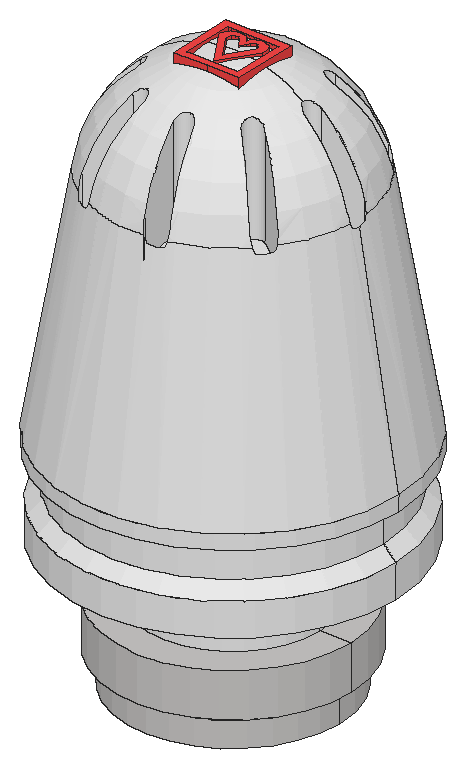
Revit family "Термостатическая головка HERZ-Design-MINI Turbo, с присоединительной резьбой М 28х1.5, 9200 16", category Rohrzubehör, Revit 2019
Family settings
  Bemaßung runder Anschluss = Durchmesser verwenden
  Teiletyp = Normal
  OmniClass-Nummer = 23.65.55.14
  OmniClass-Titel = Valves for Liquid Services
  Arbeitsebenenbasiert = Nein
  Immer vertikal = Nein
  Beim Laden mit Abzugskörper schneiden = Nein
  Gemeinsam genutzt = Nein
Parameters
  Принцип действия = "HERZ-термостатическая головка является датчиком прямого регулирования.\r\nИзменение объема жидкости в HERZ-гидросенсоре приводит в движение шток клапана."
  Область применения = "Для монтажа на всех HERZ-клапанах, предназначенных для термостатической работы."
  Номер заказа = 1920016  # constant formula
  Морозозащита = 6 °C  # constant formula
  Маховик = "Пластик, белый"  # constant formula
  Диапазон регулирования с морозозащитой = "6-28°C"  # constant formula
  Диапазон регулирования = "6-28°C"  # constant formula
  URL = "www.herz-armaturen.ru"
  S02 = 60 mm  # constant formula
  S01 = 73 mm  # constant formula
  Позиция теплового запирания "0" = "Термостатическая головка с жидкостным датчиком (гидросенсором) с позициями теплового запираниия \"0\" и морозозащиты, с ограничением и блокировкой диапазона регулирования."
  Hersteller = "HERZ Armaturen Ges.m.b.H."  # constant formula
  Позиция морозозащиты * = "Термостатическая головка с жидкостным датчиком (гидросенсором) с позицией морозозащиты и ограничением, блокировкой диапазона регулирования."
Reference planes
  plane 1 "Mitte (Vorne/hinten)": y = 0
  plane 2: z = 0
  plane 3 "Mitte (Links/rechts)": x = 0
Forms (mm)
  Revolve 1, solid, material "Kunststoff weiß", detail levels fine
    sketch origin (0, 0, 0) x (1, 0, 0) y (0, 0, 1)
      loop
        line (0, 0) -> (0, 73)
        arc (0, 73) -> (-11.397, 68.78) -> (-17.297, 58.156) r 17.5
        arc (-17.297, 58.156) -> (-20.011, 42.065) -> (-22.88, 26) r 1681.293
        line (-22.88, 26) -> (-22.88, 24) -> (-20.75, 24) -> (-20.75, 19.25) -> (-22.5, 17.5) -> (-22.5, 13) -> (-12.8, 13)
        arc (-12.8, 13) -> (-12.234, 12.766) -> (-12, 12.2) r 0.8
        line (-12, 12.2) -> (-12, 4.8) -> (-13.2, 4.8) -> (-13.2, 0) -> (0, 0)
      axis (0, 73) -> (0, 0)
    angle from 0 to 360
  Revolve 2, solid, material "Messing verzinkt", detail levels fine
    sketch origin (0, 0, 0) x (1, 0, 0) y (0, 0, 1)
      loop
        line (0, 0) -> (0, 5.5) -> (-16.35, 5.5) -> (-16.35, -0.576) -> (-14.75, -1.5) -> (-14.75, -5) -> (-13.35, -5) -> (-13.35, 0) -> (0, 0)
      axis (0, 5.5) -> (0, -5)
    angle from 0 to 360
  Extrusion 3, void
    sketch origin (0, 0, 0) x (1, 0, 0) y (0, 1, 0)
      loop
        arc (11.027, 1.298) -> (9.8, 0) -> (11.027, -1.298) r 1.3
        line (11.027, -1.298) -> (16.77, -1.62)
        arc (16.77, -1.62) -> (17.178, -1.485) -> (17.384, -1.107) r 0.586
        arc (17.384, -1.107) -> (17.453, 0.011) -> (17.382, 1.129) r 9
        arc (17.382, 1.129) -> (17.183, 1.492) -> (16.79, 1.621) r 0.564
        line (16.79, 1.621) -> (11.027, 1.298)
      loop
        line (9.282, 6.094) -> (13.904, 9.55)
        arc (13.904, 9.55) -> (14.121, 9.902) -> (14.04, 10.308) r 0.564
        arc (14.04, 10.308) -> (13.376, 11.21) -> (12.605, 12.023) r 9
        arc (12.605, 12.023) -> (12.205, 12.18) -> (11.805, 12.021) r 0.586
        line (11.805, 12.021) -> (7.613, 8.082)
        arc (7.613, 8.082) -> (7.507, 6.299) -> (9.282, 6.094) r 1.3
      loop
        arc (0.637, 11.085) -> (1.702, 9.651) -> (3.193, 10.634) r 1.3
        line (3.193, 10.634) -> (4.508, 16.234)
        arc (4.508, 16.234) -> (4.445, 16.659) -> (4.109, 16.928) r 0.586
        arc (4.109, 16.928) -> (3.02, 17.189) -> (1.907, 17.313) r 9
        arc (1.907, 17.313) -> (1.515, 17.181) -> (1.319, 16.816) r 0.564
        line (1.319, 16.816) -> (0.637, 11.085)
      loop
        line (-4.39, 10.199) -> (-6.991, 15.351)
        arc (-6.991, 15.351) -> (-7.3, 15.626) -> (-7.713, 15.617) r 0.564
        arc (-7.713, 15.617) -> (-8.717, 15.12) -> (-9.651, 14.501) r 9
        arc (-9.651, 14.501) -> (-9.875, 14.134) -> (-9.788, 13.713) r 0.586
        line (-9.788, 13.713) -> (-6.638, 8.901)
        arc (-6.638, 8.901) -> (-4.9, 8.487) -> (-4.39, 10.199) r 1.3
      loop
        arc (-10.806, 2.552) -> (-9.209, 3.352) -> (-9.918, 4.991) r 1.3
        line (-9.918, 4.991) -> (-15.204, 7.258)
        arc (-15.204, 7.258) -> (-15.634, 7.271) -> (-15.957, 6.986) r 0.586
        arc (-15.957, 6.986) -> (-16.404, 5.959) -> (-16.719, 4.884) r 9
        arc (-16.719, 4.884) -> (-16.657, 4.475) -> (-16.332, 4.219) r 0.564
        line (-16.332, 4.219) -> (-10.806, 2.552)
      loop
        line (-10.806, -2.552) -> (-16.332, -4.219)
        arc (-16.332, -4.219) -> (-16.657, -4.475) -> (-16.719, -4.884) r 0.564
        arc (-16.719, -4.884) -> (-16.404, -5.959) -> (-15.957, -6.986) r 9
        arc (-15.957, -6.986) -> (-15.634, -7.271) -> (-15.204, -7.258) r 0.586
        line (-15.204, -7.258) -> (-9.918, -4.991)
        arc (-9.918, -4.991) -> (-9.209, -3.352) -> (-10.806, -2.552) r 1.3
      loop
        arc (9.282, -6.094) -> (7.507, -6.299) -> (7.613, -8.082) r 1.3
        line (7.613, -8.082) -> (11.805, -12.021)
        arc (11.805, -12.021) -> (12.205, -12.18) -> (12.605, -12.023) r 0.586
        arc (12.605, -12.023) -> (13.376, -11.21) -> (14.04, -10.308) r 9
        arc (14.04, -10.308) -> (14.121, -9.902) -> (13.904, -9.55) r 0.564
        line (13.904, -9.55) -> (9.282, -6.094)
      loop
        line (0.637, -11.085) -> (1.319, -16.816)
        arc (1.319, -16.816) -> (1.515, -17.181) -> (1.907, -17.313) r 0.564
        arc (1.907, -17.313) -> (3.02, -17.189) -> (4.109, -16.928) r 9
        arc (4.109, -16.928) -> (4.445, -16.659) -> (4.508, -16.234) r 0.586
        line (4.508, -16.234) -> (3.193, -10.634)
        arc (3.193, -10.634) -> (1.702, -9.651) -> (0.637, -11.085) r 1.3
      loop
        arc (-4.39, -10.199) -> (-4.9, -8.487) -> (-6.638, -8.901) r 1.3
        line (-6.638, -8.901) -> (-9.788, -13.713)
        arc (-9.788, -13.713) -> (-9.875, -14.134) -> (-9.651, -14.501) r 0.586
        arc (-9.651, -14.501) -> (-8.717, -15.12) -> (-7.713, -15.617) r 9
        arc (-7.713, -15.617) -> (-7.3, -15.626) -> (-6.991, -15.351) r 0.564
        line (-6.991, -15.351) -> (-4.39, -10.199)
    from 55 to 73
Cuts and joins
  Extrusion 3 cuts Revolve 1
Lines and regions (mm)
  model lines, detail levels coarse+medium
    curve 1: line (0, 0, 0) -> (0, 0, 13)
    curve 2: line (0, -0.017, 0) -> (0, 13, 0)
    curve 3: circle (0, 0, 43) r 30 normal (0, -1, 0)
    curve 4: line (0, 0, 23) -> (0, 0, 63)
    curve 5: line (-17.5, 0, 63) -> (17.5, 0, 63)
    curve 6: circle (0, -0.017, 43) r 30 normal (1, 0, 0)
    curve 7: line (0, -0.017, 23) -> (0, -0.017, 63)
    curve 8: line (0, 17.483, 63) -> (0, -17.517, 63)
    curve 9: circle (0, 43, 0) r 30 normal (0, 0, 1)
    curve 10: line (0, 23, 0) -> (0, 63, 0)
    curve 11: line (-17.5, 63, 0) -> (17.5, 63, 0)
Dimensions and locks
  "S01": curve 3 to plane 2
  "S01": curve 6 to plane 2
  "S01": plane 1 "Mitte (Vorne/hinten)" to curve 9
  "S02": diameter of curve 3
  "S02": diameter of curve 6
  "S02": diameter of curve 9
  aligned and locked: level to plane 2
Automatic sketch dimensions
  Revolve 1 sketch curve to level = 0 mm
  Revolve 1 sketch curve to plane 3 "Mitte (Links/rechts)" = 0 mm  (x2)
  Revolve 1 sketch curve to plane 3 "Mitte (Links/rechts)" = 12 mm
  Revolve 1 sketch curve to Revolve 1 sketch curve = 0.8 mm
  Revolve 1 sketch curve to Revolve 1 sketch curve = 1.2 mm
  Revolve 1 sketch curve to Revolve 1 sketch curve = 7.95 mm
  Revolve 1 sketch curve to Revolve 1 sketch curve = 1.75 mm  (x2)
  Revolve 1 sketch curve to Revolve 1 sketch curve = 2.13 mm
  level to Revolve 1 sketch curve = 329.658 mm
  Revolve 1 sketch curve to plane 3 "Mitte (Links/rechts)" = 1676.524 mm
  level to Revolve 1 sketch curve = 4.8 mm
  Revolve 1 sketch curve to Revolve 1 sketch curve = 7.4 mm
  Revolve 1 sketch curve to Revolve 1 sketch curve = 4.5 mm
  Revolve 1 sketch curve to Revolve 1 sketch curve = 4.75 mm
  Revolve 1 sketch curve to Revolve 1 sketch curve = 2 mm
  Revolve 1 sketch curve to Revolve 1 sketch curve = 29.5 mm
  Revolve 1 sketch curve to Revolve 1 sketch curve = 17.5 mm
  Revolve 1 sketch curve to level = 366.045 mm
  Revolve 1 sketch curve to Revolve 1 sketch curve = 2141.315 mm
  Revolve 2 sketch curve to level = 0 mm
  Revolve 2 sketch curve to plane 3 "Mitte (Links/rechts)" = 0 mm  (x2)
  Revolve 2 sketch curve to level = 5 mm
  Revolve 2 sketch curve to plane 3 "Mitte (Links/rechts)" = 13.35 mm
  Revolve 2 sketch curve to Revolve 2 sketch curve = 1.4 mm
  Revolve 2 sketch curve to level = 0.576 mm
  Revolve 2 sketch curve to Revolve 2 sketch curve = 1.6 mm
  Revolve 2 sketch curve to level = 1.5 mm
  level to Revolve 2 sketch curve = 5.5 mm
  Revolve 2 sketch curve to Revolve 2 sketch curve = 361.045 mm
  Revolve 2 sketch curve to Revolve 2 sketch curve = 2208.815 mm
  plane 1 "Mitte (Vorne/hinten)" to Extrusion 3 sketch curve = 0 mm  (x2)
  Extrusion 3 sketch curve to plane 1 "Mitte (Vorne/hinten)" = 4.219 mm
  Extrusion 3 sketch curve to plane 3 "Mitte (Links/rechts)" = 16.332 mm
  plane 1 "Mitte (Vorne/hinten)" to Extrusion 3 sketch curve = 4.219 mm
  Extrusion 3 sketch curve to Extrusion 3 sketch curve = 0 mm  (x11)
  Extrusion 3 sketch curve to Extrusion 3 sketch curve = 0.163 mm  (x2)
  Extrusion 3 sketch curve to Extrusion 3 sketch curve = 0.734 mm  (x2)
  plane 1 "Mitte (Vorne/hinten)" to Extrusion 3 sketch curve = 7.258 mm
  Extrusion 3 sketch curve to Extrusion 3 sketch curve = 0.231 mm  (x2)
  Extrusion 3 sketch curve to plane 1 "Mitte (Vorne/hinten)" = 7.258 mm
  plane 1 "Mitte (Vorne/hinten)" to Extrusion 3 sketch curve = 2.552 mm
  Extrusion 3 sketch curve to Extrusion 3 sketch curve = 5.526 mm
  Extrusion 3 sketch curve to plane 1 "Mitte (Vorne/hinten)" = 2.552 mm
  Extrusion 3 sketch curve to Extrusion 3 sketch curve = 0.375 mm  (x2)
  Extrusion 3 sketch curve to Extrusion 3 sketch curve = 0.512 mm  (x2)
  Extrusion 3 sketch curve to Extrusion 3 sketch curve = 5.416 mm  (x2)
  Extrusion 3 sketch curve to Extrusion 3 sketch curve = 0.49 mm  (x2)
  Extrusion 3 sketch curve to Extrusion 3 sketch curve = 2.488 mm  (x2)
  Extrusion 3 sketch curve to Extrusion 3 sketch curve = 1.803 mm  (x2)
  Extrusion 3 sketch curve to Extrusion 3 sketch curve = 0.504 mm  (x2)
  Extrusion 3 sketch curve to Extrusion 3 sketch curve = 3.281 mm  (x2)
  Extrusion 3 sketch curve to Extrusion 3 sketch curve = 1.088 mm  (x2)
  Extrusion 3 sketch curve to Extrusion 3 sketch curve = 1.16 mm  (x2)
  Extrusion 3 sketch curve to Extrusion 3 sketch curve = 1.324 mm  (x2)
  plane 3 "Mitte (Links/rechts)" to Extrusion 3 sketch curve = 0.637 mm  (x2)
  plane 3 "Mitte (Links/rechts)" to Extrusion 3 sketch curve = 1.319 mm  (x2)
  plane 3 "Mitte (Links/rechts)" to Extrusion 3 sketch curve = 1.468 mm  (x2)
  Extrusion 3 sketch curve to Extrusion 3 sketch curve = 0.561 mm  (x2)
  Extrusion 3 sketch curve to Extrusion 3 sketch curve = 1.291 mm  (x2)
  Extrusion 3 sketch curve to Extrusion 3 sketch curve = 1.266 mm  (x2)
  Extrusion 3 sketch curve to Extrusion 3 sketch curve = 2.058 mm  (x2)
  Extrusion 3 sketch curve to Extrusion 3 sketch curve = 0.57 mm  (x2)
  Extrusion 3 sketch curve to Extrusion 3 sketch curve = 5.007 mm  (x2)
  Extrusion 3 sketch curve to Extrusion 3 sketch curve = 1.138 mm  (x2)
  Extrusion 3 sketch curve to Extrusion 3 sketch curve = 1.978 mm
  Extrusion 3 sketch curve to Extrusion 3 sketch curve = 0.89 mm  (x2)
  Extrusion 3 sketch curve to Extrusion 3 sketch curve = 0.779 mm  (x2)
  plane 1 "Mitte (Vorne/hinten)" to Extrusion 3 sketch curve = 1.298 mm
  Extrusion 3 sketch curve to Extrusion 3 sketch curve = 2.575 mm
  Extrusion 3 sketch curve to Extrusion 3 sketch curve = 0.073 mm
  Extrusion 3 sketch curve to Extrusion 3 sketch curve = 4.192 mm  (x2)
  Extrusion 3 sketch curve to Extrusion 3 sketch curve = 0.401 mm  (x2)
  Extrusion 3 sketch curve to Extrusion 3 sketch curve = 1.36 mm  (x2)
  Extrusion 3 sketch curve to Extrusion 3 sketch curve = 0.338 mm  (x2)
  plane 1 "Mitte (Vorne/hinten)" to Extrusion 3 sketch curve = 1.62 mm
  Extrusion 3 sketch curve to Extrusion 3 sketch curve = 5.743 mm
  Extrusion 3 sketch curve to plane 1 "Mitte (Vorne/hinten)" = 1.621 mm
  Extrusion 3 sketch curve to Extrusion 3 sketch curve = 0.02 mm
  Extrusion 3 sketch curve to Extrusion 3 sketch curve = 0.033 mm
  Extrusion 3 sketch curve to Extrusion 3 sketch curve = 0.032 mm
  plane 1 "Mitte (Vorne/hinten)" to Extrusion 3 sketch curve = 7.32 mm
  Extrusion 3 sketch curve to Extrusion 3 sketch curve = 6.784 mm
  Extrusion 3 sketch curve to Extrusion 3 sketch curve = 1.004 mm
  Extrusion 3 sketch curve to Extrusion 3 sketch curve = 1.581 mm  (x2)
  Extrusion 3 sketch curve to Extrusion 3 sketch curve = 1.468 mm
  Extrusion 3 sketch curve to Extrusion 3 sketch curve = 0.712 mm  (x2)
  Extrusion 3 sketch curve to Extrusion 3 sketch curve = 0.452 mm  (x2)
  Extrusion 3 sketch curve to Extrusion 3 sketch curve = 2.31 mm  (x2)
  Extrusion 3 sketch curve to Extrusion 3 sketch curve = 0.297 mm  (x2)
  Extrusion 3 sketch curve to Extrusion 3 sketch curve = 1.591 mm  (x2)
  Extrusion 3 sketch curve to Extrusion 3 sketch curve = 0.427 mm  (x2)
  Extrusion 3 sketch curve to Extrusion 3 sketch curve = 4.812 mm  (x2)
  Extrusion 3 sketch curve to Extrusion 3 sketch curve = 0.321 mm  (x2)
  Extrusion 3 sketch curve to Extrusion 3 sketch curve = 1.063 mm  (x2)
  Extrusion 3 sketch curve to Extrusion 3 sketch curve = 0.254 mm  (x2)
  Extrusion 3 sketch curve to Extrusion 3 sketch curve = 5.599 mm  (x2)
  Extrusion 3 sketch curve to Extrusion 3 sketch curve = 0.134 mm  (x2)
  Extrusion 3 sketch curve to Extrusion 3 sketch curve = 0.382 mm  (x2)
  Extrusion 3 sketch curve to Extrusion 3 sketch curve = 0.067 mm  (x2)
  Extrusion 3 sketch curve to Extrusion 3 sketch curve = 0.947 mm
  Extrusion 3 sketch curve to Extrusion 3 sketch curve = 0.539 mm  (x2)
  Extrusion 3 sketch curve to Extrusion 3 sketch curve = 1.702 mm
  Extrusion 3 sketch curve to Extrusion 3 sketch curve = 2.439 mm
  Extrusion 3 sketch curve to Extrusion 3 sketch curve = 0.54 mm  (x2)
  Extrusion 3 sketch curve to Extrusion 3 sketch curve = 0.905 mm
  Extrusion 3 sketch curve to Extrusion 3 sketch curve = 0.585 mm
  Extrusion 3 sketch curve to Extrusion 3 sketch curve = 0.564 mm
  Extrusion 3 sketch curve to Extrusion 3 sketch curve = 0.339 mm
  Extrusion 3 sketch curve to Extrusion 3 sketch curve = 1.245 mm
  Extrusion 3 sketch curve to plane 1 "Mitte (Vorne/hinten)" = 5.433 mm
  Extrusion 3 sketch curve to Extrusion 3 sketch curve = 0.661 mm
  Extrusion 3 sketch curve to Extrusion 3 sketch curve = 1.041 mm
  Extrusion 3 sketch curve to Extrusion 3 sketch curve = 4.429 mm
  Extrusion 3 sketch curve to Extrusion 3 sketch curve = 2.891 mm
  Extrusion 3 sketch curve to Extrusion 3 sketch curve = 3.456 mm
  Extrusion 3 sketch curve to plane 1 "Mitte (Vorne/hinten)" = 1.298 mm  (x2)
  plane 1 "Mitte (Vorne/hinten)" to curve 6 = 0.017 mm
  plane 1 "Mitte (Vorne/hinten)" to curve 7 = 0.017 mm
  curve 8 to curve 7 = 17.5 mm
  curve 8 to plane 1 "Mitte (Vorne/hinten)" = 17.483 mm
  curve 7 to curve 6 = 20 mm
  curve 6 to curve 8 = 20 mm
  curve 3 to plane 3 "Mitte (Links/rechts)" = 0 mm
  curve 4 to plane 3 "Mitte (Links/rechts)" = 0 mm
  curve 1 to plane 3 "Mitte (Links/rechts)" = 0 mm
  curve 1 to level = 0 mm
  curve 5 to curve 4 = 17.5 mm
  plane 3 "Mitte (Links/rechts)" to curve 5 = 17.5 mm
  curve 1 to curve 4 = 10 mm
  curve 3 to curve 5 = 20 mm
  curve 9 to plane 3 "Mitte (Links/rechts)" = 0 mm
  curve 10 to plane 3 "Mitte (Links/rechts)" = 0 mm
  curve 2 to plane 3 "Mitte (Links/rechts)" = 0 mm
  curve 11 to curve 10 = 17.5 mm
  plane 3 "Mitte (Links/rechts)" to curve 11 = 17.5 mm
  plane 1 "Mitte (Vorne/hinten)" to curve 2 = 0.017 mm
  curve 2 to curve 10 = 10 mm
  curve 9 to curve 11 = 20 mm
Nested families
  nested 1: "Herz-Logo" at (0, 0, 71.5), type "Herz-Logo", detail levels fine
Definition of nested family "Herz-Logo"
  Reference planes
    plane 1 "Mitte (Vorne/hinten)": y = 0
    plane 2: z = 0
    plane 3 "Mitte (Links/rechts)": x = 0
  Forms (mm)
    Extrusion 1, solid
      sketch origin (0, 0, 0) x (1, 0, 0) y (0, 1, 0)
        loop
          line (-0.018, -4.517) -> (4.482, -4.517) -> (4.482, 4.483) -> (-4.518, 4.483) -> (-4.518, -4.517) -> (-0.018, -4.517)
        loop
          line (-0.05, -3.48) -> (3.482, -3.48) -> (3.482, 3.483) -> (-3.518, 3.483) -> (-3.518, -3.48) -> (-0.05, -3.48)
        loop
          arc (-0.018, 2.383) -> (-1.543, 3.287) -> (-3.067, 2.383) r 1.738
          arc (-3.067, 2.383) -> (-3.191, 1.899) -> (-3.067, 1.415) r 1.009
          line (-3.067, 1.415) -> (-0.018, -3.281) -> (3.032, 1.415)
          arc (3.032, 1.415) -> (3.156, 1.899) -> (3.032, 2.383) r 1.009
          arc (3.032, 2.383) -> (1.507, 3.287) -> (-0.018, 2.383) r 1.738
        loop
          arc (1.885, 1.272) -> (2.005, 1.675) -> (1.885, 2.079) r 0.74
          arc (1.885, 2.079) -> (1.265, 2.416) -> (0.644, 2.079) r 0.74
          line (0.644, 2.079) -> (-0.018, 0.97) -> (-0.679, 2.079)
          arc (-0.679, 2.079) -> (-1.3, 2.416) -> (-1.921, 2.079) r 0.74
          arc (-1.921, 2.079) -> (-2.04, 1.675) -> (-1.921, 1.272) r 0.74
          line (-1.921, 1.272) -> (-0.018, -1.658) -> (1.885, 1.272)
      from 0 to 1.5
  Dimensions and locks
    aligned and locked: level to plane 2
